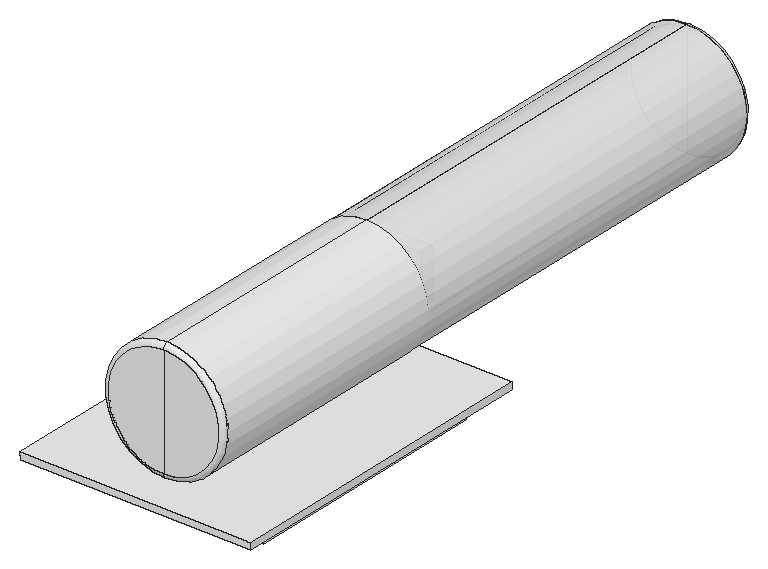
Revit family "3-528-xxx - 37-528-xxx - Magneta (Wall Sconce)", category Lighting Fixtures, host Face, Revit 2018
Family settings
  Host = Face
  Round Connector Dimension = Use Diameter
  Part Type = Normal
  Cut with Voids When Loaded = No
  Light Source = Yes
  Shared = No
  Room Calculation Point = No
Parameters (values of type "3-528-114 / 37-528-114 - Magneta")
  Wattage Comments = "15.2 W at 120 V"  # constant formula
  Wattage = 15.2 W
  built-in parameter 1150110 = 1 (stored number, unit not read)
  Voltage Input [instance] = "120 V or 277 V 50/60Hz"  # constant formula
  URL = "www.oxygenlighting.com"
  built-in parameter 1114217 = 1 (stored number, unit not read)
  Tilt Angle = 180.00°  # constant formula
  built-in parameter 1150109 = 1 (stored number, unit not read)
  built-in parameter 1150134 = (empty or 0)
  built-in parameter 1150113 = 1 (stored number, unit not read)
  Photometric Web File = "3-528-24 Magneta Sconce.ies"
  Other = none
  References [instance] = "Ref. 3 = 120V / Ref. 37 = 277 V"  # constant formula
  Model = "3-528-xxx / 37-528-xxx - Magneta"  # constant formula
  Metal Finish = 14 - Polished Chrome
  Manufacturer = "Oxygen Lighting & Fans"  # constant formula
  built-in parameter 1150105 = 54.915 (stored number, unit not read)
  Lumens = 690.08 lm
  built-in parameter 1150115 = 1 (stored number, unit not read)
  built-in parameter 1150137 = (empty or 0)
  built-in parameter 1150139 = (empty or 0)
  built-in parameter 1150112 = 1 (stored number, unit not read)
  built-in parameter 1150114 = 1 (stored number, unit not read)
  Lamp = "LED Array"  # constant formula
  built-in parameter 1150132 = (empty or 0)
  built-in parameter 1150102 = (empty or 0)
  built-in parameter 1150107 = 3000 (stored number, unit not read)
  built-in parameter 1150138 = (empty or 0)
  built-in parameter 1150106 = 0.54915 (stored number, unit not read)
  Emit from Line Length = 11.00"  # constant formula
  built-in parameter 1150104 = 4.2178 (stored number, unit not read)
  Dimming Lamp Color Temperature Shift = <None>
  Diffuser = White Opal Glass
  Default Elevation = 0.00"
  Color Filter = 16777215
  built-in parameter 1114218 = 1 (stored number, unit not read)
  built-in parameter 1150133 = 10 (stored number, unit not read)
Types (7): name | Metal Finish | built-in parameter 1150105 | Lumens | built-in parameter 1150106 | built-in parameter 1150104 | Diffuser
  (no name) | 14 - Polished Chrome | 54.915 (stored number, unit not read) | 690.08 lm | 0.54915 (stored number, unit not read) | 4.2178 (stored number, unit not read) | White Opal Glass
  3-528-14 / 37-528-14 - Magneta | 14 - Polished Chrome | 58.483 (stored number, unit not read) | 734.92 lm | 0.58483 (stored number, unit not read) | 4.4919 (stored number, unit not read) | Matte White Acrylic
  3-528-24 / 37-528-24 - Magneta | 24 - Satin Nickel | 58.483 (stored number, unit not read) | 734.92 lm | 0.58483 (stored number, unit not read) | 4.4919 (stored number, unit not read) | Matte White Acrylic
  3-528-40 / 37-528-40 - Magneta | 40 - Aged Brass | 58.483 (stored number, unit not read) | 734.92 lm | 0.58483 (stored number, unit not read) | 4.4919 (stored number, unit not read) | Matte White Acrylic
  3-528-140 / 37-528-140 - Magneta | 40 - Aged Brass | 54.915 (stored number, unit not read) | 690.08 lm | 0.54915 (stored number, unit not read) | 4.2178 (stored number, unit not read) | White Opal Glass
  3-528-124 / 37-528-124 - Magneta | 24 - Satin Nickel | 54.915 (stored number, unit not read) | 690.08 lm | 0.54915 (stored number, unit not read) | 4.2178 (stored number, unit not read) | White Opal Glass
  3-528-114 / 37-528-114 - Magneta | 14 - Polished Chrome | 54.915 (stored number, unit not read) | 690.08 lm | 0.54915 (stored number, unit not read) | 4.2178 (stored number, unit not read) | White Opal Glass
Reference planes (in)
  plane 1 "Center (Front/Back)": y = 0
  plane 2: z = 0
  plane 3 "Center (Left/Right)": x = 0
Dimensions and locks (in)
  aligned and locked: plane 2 to host face
  aligned and locked: level to host face
Nested families (in)
  nested 1: "3-528 Magneta" at (0, 0, 0), type "3-528 Magneta"
Definition of nested family "3-528 Magneta"
  Parameters (values of type "3-528 Magneta")
    Others 2 = none
    Others 1 = none
    Metal Finish = none
    Main Diffuser = none
    2nd Diffuser = none
  Reference planes (in)
    plane 1 "Center (Front/Back)": y = 0
    plane 2: z = 0
    plane 3 "Center (Left/Right)": x = 0
    plane 4: y = 0
  Forms (in)
    Extrusion 1, solid, material <- "Metal Finish"
      sketch origin (-1.43133, -4.8897, -3) x (1, 0, 0) y (0, 0, 1)
        loop
          line (3.43133, 3.38) -> (-0.56867, 3.38) -> (-0.56867, 3) -> (3.43133, 3) -> (3.43133, 3.38)
      from -7.49436 to -2.28503
    Extrusion 2, solid, material <- "Metal Finish"
      sketch origin (-1.43133, -84.58392, -1.36) x (0, 1, 0) y (-1, 0, 0)
        loop
          line (81.15919, 0.94367) -> (81.15919, -3.80633) -> (87.90919, -3.80633) -> (87.90919, 0.94367) -> (81.15919, 0.94367)
      from 1.87 to 1.74
    Revolve 3, solid, material <- "Metal Finish"
      sketch origin (0, -80.4926, -3.49415) x (0, 0, -1) y (0, 1, 0)
        loop
          line (-5.26, 82.30095) -> (-6.01, 82.30095) -> (-6.01, 83.04892) -> (-6.51, 83.04892) -> (-6.51, 77.90227)
          arc (-6.51, 77.90227) -> (-6.48032, 77.83062) -> (-6.40868, 77.80095) r 0.10132
          line (-6.40868, 77.80095) -> (-5.26, 77.80095) -> (-5.26, 82.30095)
        axis (-5.26, 77.80095) -> (-5.26, 83.04892)
      angle from 0 to 360
    Revolve 4, solid, material <- "Main Diffuser"
      sketch origin (0, -80.62174, 1.55844) x (0, 0, -1) y (0, 1, 0)
        loop
          line (-1.36855, 83.17806) -> (-1.36855, 91.45806) -> (-0.20742, 91.45806) -> (-0.20742, 91.53806) -> (-1.34999, 91.53806)
          arc (-1.34999, 91.53806) -> (-1.41967, 91.50919) -> (-1.44854, 91.43951) r 0.09855
          line (-1.44854, 91.43951) -> (-1.44854, 83.17806) -> (-1.36855, 83.17806)
        axis (-0.20742, 91.53806) -> (-0.20742, 83.17806)
      angle from 0 to 360
    Extrusion 5, solid
      sketch origin (0, -3.42473, 0) x (-1, 0, 0) y (0, 0, 1)
        loop
          line (-0.52404, 1.26369) -> (0.52404, 1.26369) -> (0.52404, 2.25) -> (-0.52404, 2.25) -> (-0.52404, 1.26369)
      from 6.75 to 7.03795
    Extrusion 6, solid, material <- "Metal Finish", not visible
      sketch origin (10.85094, 22.15209, -1.64) x (-1, 0, 0) y (0, 0, 1)
        loop
          line (3.43133, 3.38) -> (-0.56867, 3.38) -> (-0.56867, 3) -> (3.43133, 3) -> (3.43133, 3.38)
      from -7.49436 to -2.28503
    Extrusion 7, solid, material <- "Metal Finish", not visible
      sketch origin (10.85094, 101.84631, 0) x (0, -1, 0) y (1, 0, 0)
        loop
          line (81.15919, 0.94367) -> (81.15919, -3.80633) -> (87.90919, -3.80633) -> (87.90919, 0.94367) -> (81.15919, 0.94367)
      from 1.87 to 1.74
    Revolve 8, solid, material <- "Metal Finish", not visible
      sketch origin (9.41962, 97.75499, -2.13415) x (0, 0, -1) y (0, -1, 0)
        loop
          line (-5.26, 82.30095) -> (-6.01, 82.30095) -> (-6.01, 83.04892) -> (-6.51, 83.04892) -> (-6.51, 77.90227)
          arc (-6.51, 77.90227) -> (-6.48032, 77.83062) -> (-6.40868, 77.80095) r 0.10132
          line (-6.40868, 77.80095) -> (-5.26, 77.80095) -> (-5.26, 82.30095)
        axis (-5.26, 77.80095) -> (-5.26, 83.04892)
      angle from 0 to 360
    Revolve 9, solid, material <- "Main Diffuser", not visible
      sketch origin (9.41962, 97.88413, 2.91844) x (0, 0, -1) y (0, -1, 0)
        loop
          line (-1.36855, 83.17806) -> (-1.36855, 91.45806) -> (-0.20742, 91.45806) -> (-0.20742, 91.53806) -> (-1.34999, 91.53806)
          arc (-1.34999, 91.53806) -> (-1.41967, 91.50919) -> (-1.44854, 91.43951) r 0.09855
          line (-1.44854, 91.43951) -> (-1.44854, 83.17806) -> (-1.36855, 83.17806)
        axis (-0.20742, 91.53806) -> (-0.20742, 83.17806)
      angle from 0 to 360
    Extrusion 10, solid, not visible
      sketch origin (9.41962, 20.68712, 1.36) x (1, 0, 0) y (0, 0, 1)
        loop
          line (-0.52404, 1.26369) -> (0.52404, 1.26369) -> (0.52404, 2.25) -> (-0.52404, 2.25) -> (-0.52404, 1.26369)
      from 6.75 to 7.03795
  Lines and regions (in)
    model lines
      curve 1: line (-4, 0, 0) -> (4, 0, 0)
      curve 2: line (0, -4, 0) -> (0, 4, 0)
    symbolic lines
      curve 3: circle (0, 0, 0) r 2 normal (0, 0, 1)
    model lines, not visible
      curve 4: line (-13.0722, 21.77075, 0) -> (-5.0722, 21.77075, 0)
      curve 5: line (-9.0722, 17.77075, 0) -> (-9.0722, 25.77075, 0)
    symbolic lines, not visible
      curve 6: circle (-9.0722, 21.77075, 0) r 2 normal (0, 0, 1)
  Text (in)
    text "M.C." at (0.88973, 1.62995, 0), in view "Ref. Level"
    text "M.C." at (-8.18247, 23.4007, 0), in view "Ref. Level", not visible
  Dimensions and locks (in)
    Extrusion 1 sketch curve to Extrusion 1 sketch curve = 4.00"
    Extrusion 2 sketch curve to Extrusion 2 sketch curve = 4.75"
    Extrusion 2 sketch curve to Extrusion 2 sketch curve = 6.75"
    Extrusion 5 sketch curve to Extrusion 5 sketch curve = 1.04809"
    Extrusion 6 sketch curve to Extrusion 6 sketch curve = 4.00"
    Extrusion 7 sketch curve to Extrusion 7 sketch curve = 4.75"
    Extrusion 7 sketch curve to Extrusion 7 sketch curve = 6.75"
    Extrusion 10 sketch curve to Extrusion 10 sketch curve = 1.04809"
    aligned and locked: plane 2 to level
